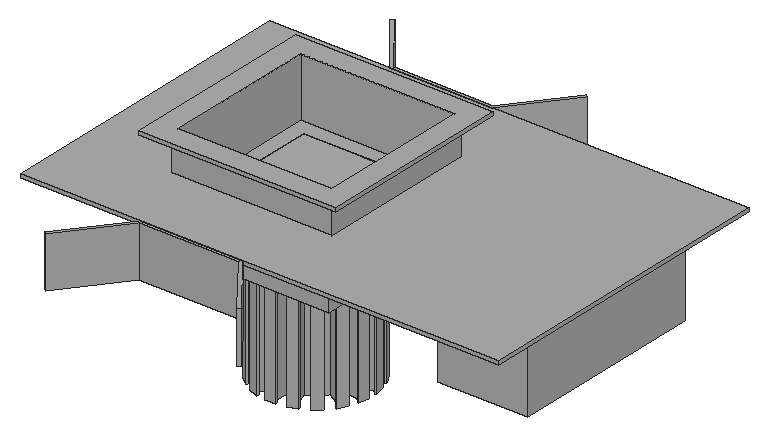
Revit family "LF4SQML", category Lighting Fixtures, host Face, Revit 2014
Parameters (values of type "LF4SQ")
  Width = 12 5/8"
  Wattage Comments = "14W"
  Wattage = 9.2903 W
  built-in parameter 1150110 = 1 (stored number, unit not read)
  Voltage = 120 V
  URL = "https://www.hubbell.com/hubbellhealthcaresolutions/en"
  built-in parameter 1114217 = 1 (stored number, unit not read)
  Tilt Angle = -90.00°
  built-in parameter 1150109 = 1 (stored number, unit not read)
  built-in parameter 1150134 = 3
  built-in parameter 1150113 = 1 (stored number, unit not read)
  SQ Length = 2 7/8"
  Product Page URL = "https://www.hubbell.com/hubbellhealthcaresolutions/en/Products/Lighting-Controls/Commercial-Indoor-Lighting/Recessed-Downlights/LF4SQ/p/212948"
  Product Material = Steel
  Product Documentation Link = "https://hubbellcdn.com/specsheet/HHS_LF4SQML_LENS_SPEC_17.pdf"
  Power Factor = 0.9
  Photometric Web File = "generic.ies"
  Number of Poles = 1
  Model = "LF4SQ"  # constant formula
  Manufacturer = "Healthcare Solutions"  # constant formula
  built-in parameter 1150105 = 109.82 (stored number, unit not read)
  Lumens = 1380 lm
  built-in parameter 1150115 = 1 (stored number, unit not read)
  Load Classification = Lighting
  built-in parameter 1150137 = (empty or 0)
  built-in parameter 1150139 = (empty or 0)
  Length = 14"
  built-in parameter 1150112 = 1 (stored number, unit not read)
  built-in parameter 1150114 = 1 (stored number, unit not read)
  Lamp = "1"
  built-in parameter 1150132 = (empty or 0)
  built-in parameter 1150102 = (empty or 0)
  built-in parameter 1150107 = 3200 (stored number, unit not read)
  built-in parameter 1150138 = (empty or 0)
  built-in parameter 1150106 = 1.0982 (stored number, unit not read)
  Height = 6 5/8"
  Glass = Glass
  Emit from Rectangle Width = 4 51/256"  # constant formula
  Emit from Rectangle Length = 4 51/256"  # constant formula
  Emit Shape Visible in Rendering = no
  built-in parameter 1150104 = 13.8 (stored number, unit not read)
  Dimming Protocol = "0-10V\r\nDMX\r\nLutron Forward Phase\r\nLutron EcoSystem"  # constant formula
  Dimming Lamp Color Temperature Shift = <None>
  Description = "4\" LED Square Downlight"
  Default Elevation = 48"
  Contact Us = "https://www.hubbell.com/hubbellhealthcaresolutions/en/contactUs?productId=212948"
  Color Filter = 16777215
  built-in parameter 1114218 = 1 (stored number, unit not read)
  built-in parameter 1150133 = 10 (stored number, unit not read)
  Applications = "Commerical Indoor\r\nEducation\r\nHealthcare\r\nHospitality\r\nOffice\r\nLobby\r\nConference Room\r\nClassroom\r\nWaiting Room\r\nAuditorium\r\nGuest Room\r\nDining Area"  # constant formula
  Apparent Load = 14.4 VA
Reference planes (in)
  plane 1 "Center (Front/Back)": y = 0.03999
  plane 2: z = 0
  plane 3 "Center (Left/Right)": x = -8.24832
  plane 4: y = -6.27251
  plane 5: y = 6.35249
  plane 6: z = -5.5
  plane 7: x = -15.24832
  plane 8: x = -1.24832
  plane 9: y = 4.60249
  plane 10: y = -4.52251
  plane 11: x = -10.24832
  plane 12: x = -13.12332
  plane 13: x = -7.37332
  plane 14: y = 2.91499
  plane 15: y = -2.83501
  plane 16: z = 1.125
  plane 17: z = -2.375
  plane 18: z = 1.025
  plane 19: x = -4.37332
  plane 20: x = -1.74832
  plane 21: z = -0.1
  plane 22: z = 1.25
Forms (in)
  Extrusion 1, void
    sketch origin (0, 0, 0) x (1, 0, 0) y (0, 1, 0)
      loop
        line (-12.74832, 4.60199) -> (-12.74832, -4.52201) -> (-3.74832, -4.52201) -> (-3.74832, 4.60199) -> (-12.74832, 4.60199)
    from 0 to -7
  Sweep 2, solid, material "Steel" <- "Product Material"
    path origin (-16.83938, -180, -3.5) x (-1, 0, 0) y (0, -1, 0)
      loop
        line (-3.71606, -177.16499) -> (-9.46606, -177.16499) -> (-9.46606, -182.91499) -> (-3.71606, -182.91499) -> (-3.71606, -177.16499)
    profile origin (-13.12332, 0.03999, -3.5) x (-1, 0, 0) y (0, 0, 1)
      loop
        line (0, 4.625) -> (-0.625, 4.625) -> (-0.625, 2.875) -> (-1.06338, 2.875) -> (-1.06338, 1.125) -> (-0.96338, 1.125) -> (-0.96338, 2.775) -> (-0.525, 2.775) -> (-0.525, 4.525) -> (0, 4.525) -> (0, 4.625)
  Extrusion 3, solid, material "Steel" <- "Product Material"
    sketch origin (-16.83938, -180, -3.5) x (-1, 0, 0) y (0, -1, 0)
      loop
        circle (-6.59106, -180.03999) r 1
    from -2 to 1.125
  Extrusion 4, solid, material "Steel" <- "Product Material"
    sketch origin (-16.83938, -180, -3.5) x (-1, 0, 0) y (0, -1, 0)
      loop
        line (-4.77944, -181.85161) -> (-4.77944, -178.22837) -> (-8.40267, -178.22837) -> (-8.40267, -181.85161) -> (-4.77944, -181.85161)
    from 1.125 to 2.875
  Extrusion 5, solid, material "Steel" <- "Product Material"
    sketch origin (0, 0.03999, 0) x (1, 0, 0) y (0, 0, 1)
      loop
        line (-4.37332, -0.1) -> (-4.37332, -2.375) -> (-1.74832, -2.375) -> (-1.74832, -0.1) -> (-4.37332, -0.1)
    from -2.875 to 2.875
  Sweep 6, solid, material "Steel" <- "Product Material"
    path origin (0.25978, 0, 0) x (0, 1, 0) y (0, 0, 1)
      loop
        line (0.03999, -2.375) -> (0.03999, -5.5)
    profile origin (0.25978, 0.03999, -3.9375) x (1, 0, 0) y (0, 1, 0)
      loop
        line (-10.45811, 0.99875) -> (-10.45811, 1.62007) -> (-10.35811, 1.62007) -> (-10.35811, 1.67007) -> (-10.65811, 1.67007) -> (-10.65811, 1.62007) -> (-10.55811, 1.62007) -> (-10.55811, 0.99875)
        arc (-10.55811, 0.99875) -> (-10.50811, 1) -> (-10.45811, 0.99875) r 1
  Sweep 7, solid, material "Steel" <- "Product Material"
    path origin (-0.36026, 3.5964, 0) x (-0.34202, 0.939693, 0) y (0, 0, 1)
      loop
        line (0.03999, -2.375) -> (0.03999, -5.5)
    profile origin (-0.37394, 3.63397, -3.9375) x (0.939693, 0.34202, 0) y (-0.34202, 0.939693, 0)
      loop
        line (-10.45811, 0.99875) -> (-10.45811, 1.62007) -> (-10.35811, 1.62007) -> (-10.35811, 1.67007) -> (-10.65811, 1.67007) -> (-10.65811, 1.62007) -> (-10.55811, 1.62007) -> (-10.55811, 0.99875)
        arc (-10.55811, 0.99875) -> (-10.50811, 1) -> (-10.45811, 0.99875) r 1
  Sweep 8, solid, material "Steel" <- "Product Material"
    path origin (-2.17294, 6.76384, 0) x (-0.642788, 0.766044, 0) y (0, 0, 1)
      loop
        line (0.03999, -2.375) -> (0.03999, -5.5)
    profile origin (-2.19865, 6.79447, -3.9375) x (0.766044, 0.642788, 0) y (-0.642788, 0.766044, 0)
      loop
        line (-10.45811, 0.99875) -> (-10.45811, 1.62007) -> (-10.35811, 1.62007) -> (-10.35811, 1.67007) -> (-10.65811, 1.67007) -> (-10.65811, 1.62007) -> (-10.55811, 1.62007) -> (-10.55811, 0.99875)
        arc (-10.55811, 0.99875) -> (-10.50811, 1) -> (-10.45811, 0.99875) r 1
  Sweep 9, solid, material "Steel" <- "Product Material"
    path origin (-4.95964, 9.12028, 0) x (-0.866025, 0.5, 0) y (0, 0, 1)
      loop
        line (0.03999, -2.375) -> (0.03999, -5.5)
    profile origin (-4.99427, 9.14028, -3.9375) x (0.5, 0.866025, 0) y (-0.866025, 0.5, 0)
      loop
        line (-10.45811, 0.99875) -> (-10.45811, 1.62007) -> (-10.35811, 1.62007) -> (-10.35811, 1.67007) -> (-10.65811, 1.67007) -> (-10.65811, 1.62007) -> (-10.55811, 1.62007) -> (-10.55811, 0.99875)
        arc (-10.55811, 0.99875) -> (-10.50811, 1) -> (-10.45811, 0.99875) r 1
  Sweep 10, solid, material "Steel" <- "Product Material"
    path origin (-8.38423, 10.38151, 0) x (-0.984808, 0.173648, 0) y (0, 0, 1)
      loop
        line (0.03999, -2.375) -> (0.03999, -5.5)
    profile origin (-8.42361, 10.38845, -3.9375) x (0.173648, 0.984808, 0) y (-0.984808, 0.173648, 0)
      loop
        line (-10.45811, 0.99875) -> (-10.45811, 1.62007) -> (-10.35811, 1.62007) -> (-10.35811, 1.67007) -> (-10.65811, 1.67007) -> (-10.65811, 1.62007) -> (-10.55811, 1.62007) -> (-10.55811, 0.99875)
        arc (-10.55811, 0.99875) -> (-10.50811, 1) -> (-10.45811, 0.99875) r 1
  Sweep 11, solid, material "Steel" <- "Product Material"
    path origin (-12.03365, 10.3954, 0) x (-0.984808, -0.173648, 0) y (0, 0, 1)
      loop
        line (0.03999, -2.375) -> (0.03999, -5.5)
    profile origin (-12.07304, 10.38845, -3.9375) x (-0.173648, 0.984808, 0) y (-0.984808, -0.173648, 0)
      loop
        line (-10.45811, 0.99875) -> (-10.45811, 1.62007) -> (-10.35811, 1.62007) -> (-10.35811, 1.67007) -> (-10.65811, 1.67007) -> (-10.65811, 1.62007) -> (-10.55811, 1.62007) -> (-10.55811, 0.99875)
        arc (-10.55811, 0.99875) -> (-10.50811, 1) -> (-10.45811, 0.99875) r 1
  Sweep 12, solid, material "Steel" <- "Product Material"
    path origin (-15.46774, 9.16027, 0) x (-0.866025, -0.5, 0) y (0, 0, 1)
      loop
        line (0.03999, -2.375) -> (0.03999, -5.5)
    profile origin (-15.50238, 9.14028, -3.9375) x (-0.5, 0.866025, 0) y (-0.866025, -0.5, 0)
      loop
        line (-10.45811, 0.99875) -> (-10.45811, 1.62007) -> (-10.35811, 1.62007) -> (-10.35811, 1.67007) -> (-10.65811, 1.67007) -> (-10.65811, 1.62007) -> (-10.55811, 1.62007) -> (-10.55811, 0.99875)
        arc (-10.55811, 0.99875) -> (-10.50811, 1) -> (-10.45811, 0.99875) r 1
  Sweep 13, solid, material "Steel" <- "Product Material"
    path origin (-18.27229, 6.82511, 0) x (-0.642788, -0.766044, 0) y (0, 0, 1)
      loop
        line (0.03999, -2.375) -> (0.03999, -5.5)
    profile origin (-18.298, 6.79447, -3.9375) x (-0.766044, 0.642788, 0) y (-0.642788, -0.766044, 0)
      loop
        line (-10.45811, 0.99875) -> (-10.45811, 1.62007) -> (-10.35811, 1.62007) -> (-10.35811, 1.67007) -> (-10.65811, 1.67007) -> (-10.65811, 1.62007) -> (-10.55811, 1.62007) -> (-10.55811, 0.99875)
        arc (-10.55811, 0.99875) -> (-10.50811, 1) -> (-10.45811, 0.99875) r 1
  Sweep 14, solid, material "Steel" <- "Product Material"
    path origin (-20.10904, 3.67155, 0) x (-0.34202, -0.939693, 0) y (0, 0, 1)
      loop
        line (0.03999, -2.375) -> (0.03999, -5.5)
    profile origin (-20.12271, 3.63397, -3.9375) x (-0.939693, 0.34202, 0) y (-0.34202, -0.939693, 0)
      loop
        line (-10.45811, 0.99875) -> (-10.45811, 1.62007) -> (-10.35811, 1.62007) -> (-10.35811, 1.67007) -> (-10.65811, 1.67007) -> (-10.65811, 1.62007) -> (-10.55811, 1.62007) -> (-10.55811, 0.99875)
        arc (-10.55811, 0.99875) -> (-10.50811, 1) -> (-10.45811, 0.99875) r 1
  Sweep 15, solid, material "Steel" <- "Product Material"
    path origin (-20.75643, 0.07998, 0) x (0, -1, 0) y (0, 0, 1)
      loop
        line (0.03999, -2.375) -> (0.03999, -5.5)
    profile origin (-20.75643, 0.03999, -3.9375) x (-1, 0, 0) y (0, -1, 0)
      loop
        line (-10.45811, 0.99875) -> (-10.45811, 1.62007) -> (-10.35811, 1.62007) -> (-10.35811, 1.67007) -> (-10.65811, 1.67007) -> (-10.65811, 1.62007) -> (-10.55811, 1.62007) -> (-10.55811, 0.99875)
        arc (-10.55811, 0.99875) -> (-10.50811, 1) -> (-10.45811, 0.99875) r 1
  Sweep 16, solid, material "Steel" <- "Product Material"
    path origin (-20.13639, -3.51641, 0) x (0.34202, -0.939693, 0) y (0, 0, 1)
      loop
        line (0.03999, -2.375) -> (0.03999, -5.5)
    profile origin (-20.12271, -3.55399, -3.9375) x (-0.939693, -0.34202, 0) y (0.34202, -0.939693, 0)
      loop
        line (-10.45811, 0.99875) -> (-10.45811, 1.62007) -> (-10.35811, 1.62007) -> (-10.35811, 1.67007) -> (-10.65811, 1.67007) -> (-10.65811, 1.62007) -> (-10.55811, 1.62007) -> (-10.55811, 0.99875)
        arc (-10.55811, 0.99875) -> (-10.50811, 1) -> (-10.45811, 0.99875) r 1
  Sweep 17, solid, material "Steel" <- "Product Material"
    path origin (-18.32371, -6.68385, 0) x (0.642788, -0.766044, 0) y (0, 0, 1)
      loop
        line (0.03999, -2.375) -> (0.03999, -5.5)
    profile origin (-18.298, -6.71449, -3.9375) x (-0.766044, -0.642788, 0) y (0.642788, -0.766044, 0)
      loop
        line (-10.45811, 0.99875) -> (-10.45811, 1.62007) -> (-10.35811, 1.62007) -> (-10.35811, 1.67007) -> (-10.65811, 1.67007) -> (-10.65811, 1.62007) -> (-10.55811, 1.62007) -> (-10.55811, 0.99875)
        arc (-10.55811, 0.99875) -> (-10.50811, 1) -> (-10.45811, 0.99875) r 1
  Sweep 18, solid, material "Steel" <- "Product Material"
    path origin (-15.53701, -9.0403, 0) x (0.866025, -0.5, 0) y (0, 0, 1)
      loop
        line (0.03999, -2.375) -> (0.03999, -5.5)
    profile origin (-15.50238, -9.06029, -3.9375) x (-0.5, -0.866025, 0) y (0.866025, -0.5, 0)
      loop
        line (-10.45811, 0.99875) -> (-10.45811, 1.62007) -> (-10.35811, 1.62007) -> (-10.35811, 1.67007) -> (-10.65811, 1.67007) -> (-10.65811, 1.62007) -> (-10.55811, 1.62007) -> (-10.55811, 0.99875)
        arc (-10.55811, 0.99875) -> (-10.50811, 1) -> (-10.45811, 0.99875) r 1
  Sweep 19, solid, material "Steel" <- "Product Material"
    path origin (-12.11242, -10.30153, 0) x (0.984808, -0.173648, 0) y (0, 0, 1)
      loop
        line (0.03999, -2.375) -> (0.03999, -5.5)
    profile origin (-12.07304, -10.30847, -3.9375) x (-0.173648, -0.984808, 0) y (0.984808, -0.173648, 0)
      loop
        line (-10.45811, 0.99875) -> (-10.45811, 1.62007) -> (-10.35811, 1.62007) -> (-10.35811, 1.67007) -> (-10.65811, 1.67007) -> (-10.65811, 1.62007) -> (-10.55811, 1.62007) -> (-10.55811, 0.99875)
        arc (-10.55811, 0.99875) -> (-10.50811, 1) -> (-10.45811, 0.99875) r 1
  Sweep 20, solid, material "Steel" <- "Product Material"
    path origin (-8.46299, -10.31542, 0) x (0.984808, 0.173648, 0) y (0, 0, 1)
      loop
        line (0.03999, -2.375) -> (0.03999, -5.5)
    profile origin (-8.42361, -10.30847, -3.9375) x (0.173648, -0.984808, 0) y (0.984808, 0.173648, 0)
      loop
        line (-10.45811, 0.99875) -> (-10.45811, 1.62007) -> (-10.35811, 1.62007) -> (-10.35811, 1.67007) -> (-10.65811, 1.67007) -> (-10.65811, 1.62007) -> (-10.55811, 1.62007) -> (-10.55811, 0.99875)
        arc (-10.55811, 0.99875) -> (-10.50811, 1) -> (-10.45811, 0.99875) r 1
  Sweep 21, solid, material "Steel" <- "Product Material"
    path origin (-5.02891, -9.08029, 0) x (0.866025, 0.5, 0) y (0, 0, 1)
      loop
        line (0.03999, -2.375) -> (0.03999, -5.5)
    profile origin (-4.99427, -9.06029, -3.9375) x (0.5, -0.866025, 0) y (0.866025, 0.5, 0)
      loop
        line (-10.45811, 0.99875) -> (-10.45811, 1.62007) -> (-10.35811, 1.62007) -> (-10.35811, 1.67007) -> (-10.65811, 1.67007) -> (-10.65811, 1.62007) -> (-10.55811, 1.62007) -> (-10.55811, 0.99875)
        arc (-10.55811, 0.99875) -> (-10.50811, 1) -> (-10.45811, 0.99875) r 1
  Sweep 22, solid, material "Steel" <- "Product Material"
    path origin (-2.22435, -6.74512, 0) x (0.642788, 0.766044, 0) y (0, 0, 1)
      loop
        line (0.03999, -2.375) -> (0.03999, -5.5)
    profile origin (-2.19865, -6.71449, -3.9375) x (0.766044, -0.642788, 0) y (0.642788, 0.766044, 0)
      loop
        line (-10.45811, 0.99875) -> (-10.45811, 1.62007) -> (-10.35811, 1.62007) -> (-10.35811, 1.67007) -> (-10.65811, 1.67007) -> (-10.65811, 1.62007) -> (-10.55811, 1.62007) -> (-10.55811, 0.99875)
        arc (-10.55811, 0.99875) -> (-10.50811, 1) -> (-10.45811, 0.99875) r 1
  Sweep 23, solid, material "Steel" <- "Product Material"
    path origin (-0.38761, -3.59157, 0) x (0.34202, 0.939693, 0) y (0, 0, 1)
      loop
        line (0.03999, -2.375) -> (0.03999, -5.5)
    profile origin (-0.37394, -3.55399, -3.9375) x (0.939693, -0.34202, 0) y (0.34202, 0.939693, 0)
      loop
        line (-10.45811, 0.99875) -> (-10.45811, 1.62007) -> (-10.35811, 1.62007) -> (-10.35811, 1.67007) -> (-10.65811, 1.67007) -> (-10.65811, 1.62007) -> (-10.55811, 1.62007) -> (-10.55811, 0.99875)
        arc (-10.55811, 0.99875) -> (-10.50811, 1) -> (-10.45811, 0.99875) r 1
  Sweep 24, solid, material "Steel" <- "Product Material"
    path origin (-16.83938, -180, -3.5) x (-1, 0, 0) y (0, -1, 0)
      loop
        line (-3.71606, -186.35249) -> (-5.09106, -184.60249) -> (-8.09881, -184.60249) -> (-9.46606, -186.35249)
    profile origin (-10.24445, 4.60249, -3.5) x (0, 1, 0) y (0, 0, 1)
      loop
        line (0, 3.5) -> (0, 2) -> (0.1, 2) -> (0.1, 3.5) -> (0, 3.5)
  Extrusion 25, solid, material "Steel" <- "Product Material"
    sketch origin (-16.83938, -180, -3.5) x (-1, 0, 0) y (0, -1, 0)
      loop
        line (-1.59106, -184.60249) -> (-1.59106, -175.47749) -> (-15.59106, -175.47749) -> (-15.59106, -184.60249) -> (-1.59106, -184.60249)
      loop
        line (-4.24106, -182.38999) -> (-4.24106, -177.68999) -> (-8.94106, -177.68999) -> (-8.94106, -182.38999) -> (-4.24106, -182.38999)
    from 3.4 to 3.5
  Sweep 26, solid, material "Steel" <- "Product Material"
    path origin (-16.83938, 180.07998, -3.5) x (-1, 0, 0) y (0, -1, 0)
      loop
        line (-3.71606, 186.35249) -> (-5.09106, 184.60249) -> (-8.09881, 184.60249) -> (-9.46606, 186.35249)
    profile origin (-10.24445, -4.52251, -3.5) x (0, 1, 0) y (0, 0, 1)
      loop
        line (0, 3.5) -> (-0.1, 3.5) -> (-0.1, 2) -> (0, 2) -> (0, 3.5)
  Sweep 27, solid, material "Steel" <- "Product Material", not visible
    path origin (0.25978, 0, 0) x (0, 1, 0) y (0, 0, 1)
      loop
        line (0.03999, -2.375) -> (0.03999, -5.5)
    profile origin (0.25978, 0.03999, -3.9375) x (1, 0, 0) y (0, 1, 0)
      loop
        line (-10.45811, 0.99875) -> (-10.45811, 1.62007) -> (-10.35811, 1.62007) -> (-10.35811, 1.67007) -> (-10.65811, 1.67007) -> (-10.65811, 1.62007) -> (-10.55811, 1.62007) -> (-10.55811, 0.99875)
        arc (-10.55811, 0.99875) -> (-10.50811, 1) -> (-10.45811, 0.99875) r 1
  Sweep 28, solid, material "Steel" <- "Product Material", not visible
    path origin (-0.36026, 3.5964, 0) x (-0.34202, 0.939693, 0) y (0, 0, 1)
      loop
        line (0.03999, -2.375) -> (0.03999, -5.5)
    profile origin (-0.37394, 3.63397, -3.9375) x (0.939693, 0.34202, 0) y (-0.34202, 0.939693, 0)
      loop
        line (-10.45811, 0.99875) -> (-10.45811, 1.62007) -> (-10.35811, 1.62007) -> (-10.35811, 1.67007) -> (-10.65811, 1.67007) -> (-10.65811, 1.62007) -> (-10.55811, 1.62007) -> (-10.55811, 0.99875)
        arc (-10.55811, 0.99875) -> (-10.50811, 1) -> (-10.45811, 0.99875) r 1
  Sweep 29, solid, material "Steel" <- "Product Material", not visible
    path origin (-2.17294, 6.76384, 0) x (-0.642788, 0.766044, 0) y (0, 0, 1)
      loop
        line (0.03999, -2.375) -> (0.03999, -5.5)
    profile origin (-2.19865, 6.79447, -3.9375) x (0.766044, 0.642788, 0) y (-0.642788, 0.766044, 0)
      loop
        line (-10.45811, 0.99875) -> (-10.45811, 1.62007) -> (-10.35811, 1.62007) -> (-10.35811, 1.67007) -> (-10.65811, 1.67007) -> (-10.65811, 1.62007) -> (-10.55811, 1.62007) -> (-10.55811, 0.99875)
        arc (-10.55811, 0.99875) -> (-10.50811, 1) -> (-10.45811, 0.99875) r 1
  Sweep 30, solid, material "Steel" <- "Product Material", not visible
    path origin (-4.95964, 9.12028, 0) x (-0.866025, 0.5, 0) y (0, 0, 1)
      loop
        line (0.03999, -2.375) -> (0.03999, -5.5)
    profile origin (-4.99427, 9.14028, -3.9375) x (0.5, 0.866025, 0) y (-0.866025, 0.5, 0)
      loop
        line (-10.45811, 0.99875) -> (-10.45811, 1.62007) -> (-10.35811, 1.62007) -> (-10.35811, 1.67007) -> (-10.65811, 1.67007) -> (-10.65811, 1.62007) -> (-10.55811, 1.62007) -> (-10.55811, 0.99875)
        arc (-10.55811, 0.99875) -> (-10.50811, 1) -> (-10.45811, 0.99875) r 1
  Sweep 31, solid, material "Steel" <- "Product Material", not visible
    path origin (-8.38423, 10.38151, 0) x (-0.984808, 0.173648, 0) y (0, 0, 1)
      loop
        line (0.03999, -2.375) -> (0.03999, -5.5)
    profile origin (-8.42361, 10.38845, -3.9375) x (0.173648, 0.984808, 0) y (-0.984808, 0.173648, 0)
      loop
        line (-10.45811, 0.99875) -> (-10.45811, 1.62007) -> (-10.35811, 1.62007) -> (-10.35811, 1.67007) -> (-10.65811, 1.67007) -> (-10.65811, 1.62007) -> (-10.55811, 1.62007) -> (-10.55811, 0.99875)
        arc (-10.55811, 0.99875) -> (-10.50811, 1) -> (-10.45811, 0.99875) r 1
  Sweep 32, solid, material "Steel" <- "Product Material", not visible
    path origin (-12.03365, 10.3954, 0) x (-0.984808, -0.173648, 0) y (0, 0, 1)
      loop
        line (0.03999, -2.375) -> (0.03999, -5.5)
    profile origin (-12.07304, 10.38845, -3.9375) x (-0.173648, 0.984808, 0) y (-0.984808, -0.173648, 0)
      loop
        line (-10.45811, 0.99875) -> (-10.45811, 1.62007) -> (-10.35811, 1.62007) -> (-10.35811, 1.67007) -> (-10.65811, 1.67007) -> (-10.65811, 1.62007) -> (-10.55811, 1.62007) -> (-10.55811, 0.99875)
        arc (-10.55811, 0.99875) -> (-10.50811, 1) -> (-10.45811, 0.99875) r 1
  Sweep 33, solid, material "Steel" <- "Product Material", not visible
    path origin (-15.46774, 9.16027, 0) x (-0.866025, -0.5, 0) y (0, 0, 1)
      loop
        line (0.03999, -2.375) -> (0.03999, -5.5)
    profile origin (-15.50238, 9.14028, -3.9375) x (-0.5, 0.866025, 0) y (-0.866025, -0.5, 0)
      loop
        line (-10.45811, 0.99875) -> (-10.45811, 1.62007) -> (-10.35811, 1.62007) -> (-10.35811, 1.67007) -> (-10.65811, 1.67007) -> (-10.65811, 1.62007) -> (-10.55811, 1.62007) -> (-10.55811, 0.99875)
        arc (-10.55811, 0.99875) -> (-10.50811, 1) -> (-10.45811, 0.99875) r 1
  Sweep 34, solid, material "Steel" <- "Product Material", not visible
    path origin (-18.27229, 6.82511, 0) x (-0.642788, -0.766044, 0) y (0, 0, 1)
      loop
        line (0.03999, -2.375) -> (0.03999, -5.5)
    profile origin (-18.298, 6.79447, -3.9375) x (-0.766044, 0.642788, 0) y (-0.642788, -0.766044, 0)
      loop
        line (-10.45811, 0.99875) -> (-10.45811, 1.62007) -> (-10.35811, 1.62007) -> (-10.35811, 1.67007) -> (-10.65811, 1.67007) -> (-10.65811, 1.62007) -> (-10.55811, 1.62007) -> (-10.55811, 0.99875)
        arc (-10.55811, 0.99875) -> (-10.50811, 1) -> (-10.45811, 0.99875) r 1
  Sweep 35, solid, material "Steel" <- "Product Material", not visible
    path origin (-20.10904, 3.67155, 0) x (-0.34202, -0.939693, 0) y (0, 0, 1)
      loop
        line (0.03999, -2.375) -> (0.03999, -5.5)
    profile origin (-20.12271, 3.63397, -3.9375) x (-0.939693, 0.34202, 0) y (-0.34202, -0.939693, 0)
      loop
        line (-10.45811, 0.99875) -> (-10.45811, 1.62007) -> (-10.35811, 1.62007) -> (-10.35811, 1.67007) -> (-10.65811, 1.67007) -> (-10.65811, 1.62007) -> (-10.55811, 1.62007) -> (-10.55811, 0.99875)
        arc (-10.55811, 0.99875) -> (-10.50811, 1) -> (-10.45811, 0.99875) r 1
  Sweep 36, solid, material "Steel" <- "Product Material", not visible
    path origin (-20.75643, 0.07998, 0) x (0, -1, 0) y (0, 0, 1)
      loop
        line (0.03999, -2.375) -> (0.03999, -5.5)
    profile origin (-20.75643, 0.03999, -3.9375) x (-1, 0, 0) y (0, -1, 0)
      loop
        line (-10.45811, 0.99875) -> (-10.45811, 1.62007) -> (-10.35811, 1.62007) -> (-10.35811, 1.67007) -> (-10.65811, 1.67007) -> (-10.65811, 1.62007) -> (-10.55811, 1.62007) -> (-10.55811, 0.99875)
        arc (-10.55811, 0.99875) -> (-10.50811, 1) -> (-10.45811, 0.99875) r 1
  Sweep 37, solid, material "Steel" <- "Product Material", not visible
    path origin (-20.13639, -3.51641, 0) x (0.34202, -0.939693, 0) y (0, 0, 1)
      loop
        line (0.03999, -2.375) -> (0.03999, -5.5)
    profile origin (-20.12271, -3.55399, -3.9375) x (-0.939693, -0.34202, 0) y (0.34202, -0.939693, 0)
      loop
        line (-10.45811, 0.99875) -> (-10.45811, 1.62007) -> (-10.35811, 1.62007) -> (-10.35811, 1.67007) -> (-10.65811, 1.67007) -> (-10.65811, 1.62007) -> (-10.55811, 1.62007) -> (-10.55811, 0.99875)
        arc (-10.55811, 0.99875) -> (-10.50811, 1) -> (-10.45811, 0.99875) r 1
  Sweep 38, solid, material "Steel" <- "Product Material", not visible
    path origin (-18.32371, -6.68385, 0) x (0.642788, -0.766044, 0) y (0, 0, 1)
      loop
        line (0.03999, -2.375) -> (0.03999, -5.5)
    profile origin (-18.298, -6.71449, -3.9375) x (-0.766044, -0.642788, 0) y (0.642788, -0.766044, 0)
      loop
        line (-10.45811, 0.99875) -> (-10.45811, 1.62007) -> (-10.35811, 1.62007) -> (-10.35811, 1.67007) -> (-10.65811, 1.67007) -> (-10.65811, 1.62007) -> (-10.55811, 1.62007) -> (-10.55811, 0.99875)
        arc (-10.55811, 0.99875) -> (-10.50811, 1) -> (-10.45811, 0.99875) r 1
  Sweep 39, solid, material "Steel" <- "Product Material", not visible
    path origin (-15.53701, -9.0403, 0) x (0.866025, -0.5, 0) y (0, 0, 1)
      loop
        line (0.03999, -2.375) -> (0.03999, -5.5)
    profile origin (-15.50238, -9.06029, -3.9375) x (-0.5, -0.866025, 0) y (0.866025, -0.5, 0)
      loop
        line (-10.45811, 0.99875) -> (-10.45811, 1.62007) -> (-10.35811, 1.62007) -> (-10.35811, 1.67007) -> (-10.65811, 1.67007) -> (-10.65811, 1.62007) -> (-10.55811, 1.62007) -> (-10.55811, 0.99875)
        arc (-10.55811, 0.99875) -> (-10.50811, 1) -> (-10.45811, 0.99875) r 1
  Sweep 40, solid, material "Steel" <- "Product Material", not visible
    path origin (-12.11242, -10.30153, 0) x (0.984808, -0.173648, 0) y (0, 0, 1)
      loop
        line (0.03999, -2.375) -> (0.03999, -5.5)
    profile origin (-12.07304, -10.30847, -3.9375) x (-0.173648, -0.984808, 0) y (0.984808, -0.173648, 0)
      loop
        line (-10.45811, 0.99875) -> (-10.45811, 1.62007) -> (-10.35811, 1.62007) -> (-10.35811, 1.67007) -> (-10.65811, 1.67007) -> (-10.65811, 1.62007) -> (-10.55811, 1.62007) -> (-10.55811, 0.99875)
        arc (-10.55811, 0.99875) -> (-10.50811, 1) -> (-10.45811, 0.99875) r 1
  Sweep 41, solid, material "Steel" <- "Product Material", not visible
    path origin (-8.46299, -10.31542, 0) x (0.984808, 0.173648, 0) y (0, 0, 1)
      loop
        line (0.03999, -2.375) -> (0.03999, -5.5)
    profile origin (-8.42361, -10.30847, -3.9375) x (0.173648, -0.984808, 0) y (0.984808, 0.173648, 0)
      loop
        line (-10.45811, 0.99875) -> (-10.45811, 1.62007) -> (-10.35811, 1.62007) -> (-10.35811, 1.67007) -> (-10.65811, 1.67007) -> (-10.65811, 1.62007) -> (-10.55811, 1.62007) -> (-10.55811, 0.99875)
        arc (-10.55811, 0.99875) -> (-10.50811, 1) -> (-10.45811, 0.99875) r 1
  Sweep 42, solid, material "Steel" <- "Product Material", not visible
    path origin (-5.02891, -9.08029, 0) x (0.866025, 0.5, 0) y (0, 0, 1)
      loop
        line (0.03999, -2.375) -> (0.03999, -5.5)
    profile origin (-4.99427, -9.06029, -3.9375) x (0.5, -0.866025, 0) y (0.866025, 0.5, 0)
      loop
        line (-10.45811, 0.99875) -> (-10.45811, 1.62007) -> (-10.35811, 1.62007) -> (-10.35811, 1.67007) -> (-10.65811, 1.67007) -> (-10.65811, 1.62007) -> (-10.55811, 1.62007) -> (-10.55811, 0.99875)
        arc (-10.55811, 0.99875) -> (-10.50811, 1) -> (-10.45811, 0.99875) r 1
  Sweep 43, solid, material "Steel" <- "Product Material", not visible
    path origin (-2.22435, -6.74512, 0) x (0.642788, 0.766044, 0) y (0, 0, 1)
      loop
        line (0.03999, -2.375) -> (0.03999, -5.5)
    profile origin (-2.19865, -6.71449, -3.9375) x (0.766044, -0.642788, 0) y (0.642788, 0.766044, 0)
      loop
        line (-10.45811, 0.99875) -> (-10.45811, 1.62007) -> (-10.35811, 1.62007) -> (-10.35811, 1.67007) -> (-10.65811, 1.67007) -> (-10.65811, 1.62007) -> (-10.55811, 1.62007) -> (-10.55811, 0.99875)
        arc (-10.55811, 0.99875) -> (-10.50811, 1) -> (-10.45811, 0.99875) r 1
  Sweep 44, solid, material "Steel" <- "Product Material", not visible
    path origin (-0.38761, -3.59157, 0) x (0.34202, 0.939693, 0) y (0, 0, 1)
      loop
        line (0.03999, -2.375) -> (0.03999, -5.5)
    profile origin (-0.37394, -3.55399, -3.9375) x (0.939693, -0.34202, 0) y (0.34202, 0.939693, 0)
      loop
        line (-10.45811, 0.99875) -> (-10.45811, 1.62007) -> (-10.35811, 1.62007) -> (-10.35811, 1.67007) -> (-10.65811, 1.67007) -> (-10.65811, 1.62007) -> (-10.55811, 1.62007) -> (-10.55811, 0.99875)
        arc (-10.55811, 0.99875) -> (-10.50811, 1) -> (-10.45811, 0.99875) r 1
Dimensions and locks (in)
  equal spacing: plane 5, plane 1 "Center (Front/Back)", plane 4
  "Width": plane 5 to plane 4
  equal spacing: plane 7, plane 3 "Center (Left/Right)", plane 8
  "Length": plane 7 to plane 8
  equal spacing: plane 9, plane 1 "Center (Front/Back)", plane 10
  locked: plane 9 to plane 10 at 9.125
  locked: plane 7 to plane 11 at 5
  equal spacing: plane 14, plane 1 "Center (Front/Back)", plane 15
  "SQ Length": plane 1 "Center (Front/Back)" to plane 14
  plane 16 to plane 2 = 1 1/8"
  "SQ Length": plane 11 to plane 12
  equal spacing: plane 13, plane 11, plane 12
  "Height": plane 16 to plane 6
  plane 20 to plane 8 = 1/2"
  locked: Sweep 6 to plane 11 at 0.05
  aligned and locked: plane 2 to host face
  aligned and locked: level to host face
  aligned and locked: Sweep 2 sketch curve to plane 16
  aligned and locked: Sweep 2 sketch curve to plane 12
  aligned and locked: plane 12 to Sweep 2 sketch curve
  aligned and locked: Sweep 2 sketch curve to plane 14
  aligned and locked: plane 13 to Sweep 2 sketch curve
  aligned and locked: plane 15 to Sweep 2 sketch curve
  aligned and locked: Extrusion 3 to Sweep 2
  aligned and locked: Extrusion 3 to plane 6
  aligned and locked: Extrusion 4 sketch curve to Sweep 2  (x4)
  aligned and locked: Sweep 2 to Extrusion 4  (x2)
  aligned and locked: Extrusion 5 to plane 20
  aligned and locked: plane 19 to Extrusion 5
  aligned and locked: Sweep 2 to Extrusion 5
  aligned and locked: plane 14 to Extrusion 5
  aligned and locked: Extrusion 5 to plane 15
  aligned and locked: Sweep 24 sketch curve to level
  aligned and locked: Sweep 24 sketch curve to profile plane
  aligned and locked: Extrusion 25 sketch curve to plane 9
  aligned and locked: plane 7 to Extrusion 25 sketch curve
  aligned and locked: plane 10 to Extrusion 25 sketch curve
  aligned and locked: Extrusion 25 sketch curve to plane 8
  aligned and locked: level to Extrusion 25
  aligned and locked: Extrusion 25 to plane 21
  aligned and locked: plane 21 to Extrusion 5
  aligned and locked: Sweep 24 sketch curve to plane 9
  aligned and locked: Sweep 26 sketch curve to profile plane
  aligned and locked: Sweep 26 sketch curve to plane 10
  aligned and locked: imposter light to plane 22
Automatic sketch dimensions
  profile plane to Sweep 6 sketch curve = 0"
  Sweep 6 sketch curve to Sweep 6 sketch curve = 0.1"  (x3)
  Sweep 6 sketch curve to Sweep 6 sketch curve = 0.05"  (x2)
  Sweep 6 sketch curve to profile plane = 0.99875"
  Sweep 6 sketch curve to Sweep 6 sketch curve = 0.62132"
  Sweep 6 sketch curve to Sweep 6 sketch curve = 0"
  Sweep 6 sketch curve to Sweep 6 sketch curve = 3 1/8"
  Sweep 6 sketch curve to profile plane = 10.65811"
  profile plane to Sweep 7 sketch curve = 0"
  Sweep 7 sketch curve to Sweep 7 sketch curve = 0.1"  (x3)
  Sweep 7 sketch curve to Sweep 7 sketch curve = 0.05"  (x2)
  Sweep 7 sketch curve to profile plane = 0.99875"
  Sweep 7 sketch curve to Sweep 7 sketch curve = 0.62132"
  Sweep 7 sketch curve to Sweep 7 sketch curve = 0"
  Sweep 7 sketch curve to Sweep 7 sketch curve = 3 1/8"
  Sweep 7 sketch curve to profile plane = 10.65811"
  profile plane to Sweep 8 sketch curve = 0"
  Sweep 8 sketch curve to Sweep 8 sketch curve = 0.1"  (x3)
  Sweep 8 sketch curve to Sweep 8 sketch curve = 0.05"  (x2)
  Sweep 8 sketch curve to profile plane = 0.99875"
  Sweep 8 sketch curve to Sweep 8 sketch curve = 0.62132"
  Sweep 8 sketch curve to Sweep 8 sketch curve = 0"
  Sweep 8 sketch curve to Sweep 8 sketch curve = 3 1/8"
  Sweep 8 sketch curve to profile plane = 10.65811"
  profile plane to Sweep 9 sketch curve = 0"
  Sweep 9 sketch curve to Sweep 9 sketch curve = 0.1"  (x3)
  Sweep 9 sketch curve to Sweep 9 sketch curve = 0.05"  (x2)
  Sweep 9 sketch curve to profile plane = 0.99875"
  Sweep 9 sketch curve to Sweep 9 sketch curve = 0.62132"
  Sweep 9 sketch curve to Sweep 9 sketch curve = 0"
  Sweep 9 sketch curve to Sweep 9 sketch curve = 3 1/8"
  Sweep 9 sketch curve to profile plane = 10.65811"
  profile plane to Sweep 10 sketch curve = 0"
  Sweep 10 sketch curve to Sweep 10 sketch curve = 0.1"  (x3)
  Sweep 10 sketch curve to Sweep 10 sketch curve = 0.05"  (x2)
  Sweep 10 sketch curve to profile plane = 0.99875"
  Sweep 10 sketch curve to Sweep 10 sketch curve = 0.62132"
  Sweep 10 sketch curve to Sweep 10 sketch curve = 0"
  Sweep 10 sketch curve to Sweep 10 sketch curve = 3 1/8"
  Sweep 10 sketch curve to profile plane = 10.65811"
  profile plane to Sweep 11 sketch curve = 0"
  Sweep 11 sketch curve to Sweep 11 sketch curve = 0.1"  (x3)
  Sweep 11 sketch curve to Sweep 11 sketch curve = 0.05"  (x2)
  Sweep 11 sketch curve to profile plane = 0.99875"
  Sweep 11 sketch curve to Sweep 11 sketch curve = 0.62132"
  Sweep 11 sketch curve to Sweep 11 sketch curve = 0"
  Sweep 11 sketch curve to Sweep 11 sketch curve = 3 1/8"
  Sweep 11 sketch curve to profile plane = 10.65811"
  profile plane to Sweep 12 sketch curve = 0"
  Sweep 12 sketch curve to Sweep 12 sketch curve = 0.1"  (x3)
  Sweep 12 sketch curve to Sweep 12 sketch curve = 0.05"  (x2)
  Sweep 12 sketch curve to profile plane = 0.99875"
  Sweep 12 sketch curve to Sweep 12 sketch curve = 0.62132"
  Sweep 12 sketch curve to Sweep 12 sketch curve = 0"
  Sweep 12 sketch curve to Sweep 12 sketch curve = 3 1/8"
  Sweep 12 sketch curve to profile plane = 10.65811"
  profile plane to Sweep 13 sketch curve = 0"
  Sweep 13 sketch curve to Sweep 13 sketch curve = 0.1"  (x3)
  Sweep 13 sketch curve to Sweep 13 sketch curve = 0.05"  (x2)
  Sweep 13 sketch curve to profile plane = 0.99875"
  Sweep 13 sketch curve to Sweep 13 sketch curve = 0.62132"
  Sweep 13 sketch curve to Sweep 13 sketch curve = 0"
  Sweep 13 sketch curve to Sweep 13 sketch curve = 3 1/8"
  Sweep 13 sketch curve to profile plane = 10.65811"
  profile plane to Sweep 14 sketch curve = 0"
  Sweep 14 sketch curve to Sweep 14 sketch curve = 0.1"  (x3)
  Sweep 14 sketch curve to Sweep 14 sketch curve = 0.05"  (x2)
  Sweep 14 sketch curve to profile plane = 0.99875"
  Sweep 14 sketch curve to Sweep 14 sketch curve = 0.62132"
  Sweep 14 sketch curve to Sweep 14 sketch curve = 0"
  Sweep 14 sketch curve to Sweep 14 sketch curve = 3 1/8"
  Sweep 14 sketch curve to profile plane = 10.65811"
  profile plane to Sweep 15 sketch curve = 0"
  Sweep 15 sketch curve to Sweep 15 sketch curve = 0.1"  (x3)
  Sweep 15 sketch curve to Sweep 15 sketch curve = 0.05"  (x2)
  Sweep 15 sketch curve to profile plane = 0.99875"
  Sweep 15 sketch curve to Sweep 15 sketch curve = 0.62132"
  Sweep 15 sketch curve to Sweep 15 sketch curve = 0"
  Sweep 15 sketch curve to Sweep 15 sketch curve = 3 1/8"
  Sweep 15 sketch curve to profile plane = 10.65811"
  profile plane to Sweep 16 sketch curve = 0"
  Sweep 16 sketch curve to Sweep 16 sketch curve = 0.1"  (x3)
  Sweep 16 sketch curve to Sweep 16 sketch curve = 0.05"  (x2)
  Sweep 16 sketch curve to profile plane = 0.99875"
  Sweep 16 sketch curve to Sweep 16 sketch curve = 0.62132"
  Sweep 16 sketch curve to Sweep 16 sketch curve = 0"
  Sweep 16 sketch curve to Sweep 16 sketch curve = 3 1/8"
  Sweep 16 sketch curve to profile plane = 10.65811"
  profile plane to Sweep 17 sketch curve = 0"
  Sweep 17 sketch curve to Sweep 17 sketch curve = 0.1"  (x3)
  Sweep 17 sketch curve to Sweep 17 sketch curve = 0.05"  (x2)
  Sweep 17 sketch curve to profile plane = 0.99875"
  Sweep 17 sketch curve to Sweep 17 sketch curve = 0.62132"
  Sweep 17 sketch curve to Sweep 17 sketch curve = 0"
  Sweep 17 sketch curve to Sweep 17 sketch curve = 3 1/8"
  Sweep 17 sketch curve to profile plane = 10.65811"
  profile plane to Sweep 18 sketch curve = 0"
  Sweep 18 sketch curve to Sweep 18 sketch curve = 0.1"  (x3)
  Sweep 18 sketch curve to Sweep 18 sketch curve = 0.05"  (x2)
  Sweep 18 sketch curve to profile plane = 0.99875"
  Sweep 18 sketch curve to Sweep 18 sketch curve = 0.62132"
  Sweep 18 sketch curve to Sweep 18 sketch curve = 0"
  Sweep 18 sketch curve to Sweep 18 sketch curve = 3 1/8"
  Sweep 18 sketch curve to profile plane = 10.65811"
  profile plane to Sweep 19 sketch curve = 0"
  Sweep 19 sketch curve to Sweep 19 sketch curve = 0.1"  (x3)
  Sweep 19 sketch curve to Sweep 19 sketch curve = 0.05"  (x2)
  Sweep 19 sketch curve to profile plane = 0.99875"
  Sweep 19 sketch curve to Sweep 19 sketch curve = 0.62132"
  Sweep 19 sketch curve to Sweep 19 sketch curve = 0"
  Sweep 19 sketch curve to Sweep 19 sketch curve = 3 1/8"
  Sweep 19 sketch curve to profile plane = 10.65811"
  profile plane to Sweep 20 sketch curve = 0"
  Sweep 20 sketch curve to Sweep 20 sketch curve = 0.1"  (x3)
  Sweep 20 sketch curve to Sweep 20 sketch curve = 0.05"  (x2)
  Sweep 20 sketch curve to profile plane = 0.99875"
  Sweep 20 sketch curve to Sweep 20 sketch curve = 0.62132"
  Sweep 20 sketch curve to Sweep 20 sketch curve = 0"
  Sweep 20 sketch curve to Sweep 20 sketch curve = 3 1/8"
  Sweep 20 sketch curve to profile plane = 10.65811"
  profile plane to Sweep 21 sketch curve = 0"
  Sweep 21 sketch curve to Sweep 21 sketch curve = 0.1"  (x3)
  Sweep 21 sketch curve to Sweep 21 sketch curve = 0.05"  (x2)
  Sweep 21 sketch curve to profile plane = 0.99875"
  Sweep 21 sketch curve to Sweep 21 sketch curve = 0.62132"
  Sweep 21 sketch curve to Sweep 21 sketch curve = 0"
  Sweep 21 sketch curve to Sweep 21 sketch curve = 3 1/8"
  Sweep 21 sketch curve to profile plane = 10.65811"
  profile plane to Sweep 22 sketch curve = 0"
  Sweep 22 sketch curve to Sweep 22 sketch curve = 0.1"  (x3)
  Sweep 22 sketch curve to Sweep 22 sketch curve = 0.05"  (x2)
  Sweep 22 sketch curve to profile plane = 0.99875"
  Sweep 22 sketch curve to Sweep 22 sketch curve = 0.62132"
  Sweep 22 sketch curve to Sweep 22 sketch curve = 0"
  Sweep 22 sketch curve to Sweep 22 sketch curve = 3 1/8"
  Sweep 22 sketch curve to profile plane = 10.65811"
  profile plane to Sweep 23 sketch curve = 0"
  Sweep 23 sketch curve to Sweep 23 sketch curve = 0.1"  (x3)
  Sweep 23 sketch curve to Sweep 23 sketch curve = 0.05"  (x2)
  Sweep 23 sketch curve to profile plane = 0.99875"
  Sweep 23 sketch curve to Sweep 23 sketch curve = 0.62132"
  Sweep 23 sketch curve to Sweep 23 sketch curve = 0"
  Sweep 23 sketch curve to Sweep 23 sketch curve = 3 1/8"
  Sweep 23 sketch curve to profile plane = 10.65811"
  host sketch curve to host sketch curve = 96"  (x2)
  plane 10 to Extrusion 1 sketch curve = 0.0005"
  plane 12 to Extrusion 1 sketch curve = 3/8"
  Extrusion 1 sketch curve to plane 19 = 5/8"
  Extrusion 1 sketch curve to plane 9 = 0.0005"
  profile plane to Sweep 2 sketch curve = 0.525"
  Sweep 2 sketch curve to Sweep 2 sketch curve = 0.1"  (x4)
  Sweep 2 sketch curve to Sweep 2 sketch curve = 0.33838"
  Sweep 2 sketch curve to Sweep 2 sketch curve = 1.65"
  profile plane to Sweep 2 sketch curve = 1 1/8"
  plane 1 "Center (Front/Back)" to Extrusion 3 sketch curve = 0"
  Extrusion 3 sketch curve to plane 11 = 0"
  Extrusion 5 sketch curve to plane 17 = 0"
  plane 19 to Extrusion 5 sketch curve = 0"
  plane 20 to Extrusion 5 sketch curve = 0"
  Extrusion 5 sketch curve to plane 21 = 0"
  Sweep 24 sketch curve to plane 5 = 0"  (x2)
  Sweep 24 sketch curve to plane 13 = 0"
  Sweep 24 sketch curve to plane 12 = 0"
  Sweep 24 sketch curve to plane 3 "Center (Left/Right)" = 0.49225"
  plane 12 to Sweep 24 sketch curve = 1 3/8"
  Sweep 26 sketch curve to plane 4 = 0"  (x2)
  Sweep 26 sketch curve to plane 13 = 0"
  Sweep 26 sketch curve to plane 12 = 0"
  Sweep 26 sketch curve to plane 3 "Center (Left/Right)" = 0.49225"
  plane 12 to Sweep 26 sketch curve = 1 3/8"
  profile plane to Sweep 26 sketch curve = 0.1"
  profile plane to Sweep 26 sketch curve = 2"
  Sweep 26 sketch curve to Sweep 26 sketch curve = 1 1/2"
  plane 3 "Center (Left/Right)" to Extrusion 25 sketch curve = 0.35"
  plane 12 to Extrusion 25 sketch curve = 0.525"
  Extrusion 25 sketch curve to plane 14 = 0.525"
  plane 15 to Extrusion 25 sketch curve = 0.525"
  Sweep 24 sketch curve to profile plane = 0.1"
  Sweep 24 sketch curve to Sweep 24 sketch curve = 1 1/2"
  profile plane to Sweep 27 sketch curve = 0"
  Sweep 27 sketch curve to Sweep 27 sketch curve = 0.1"  (x3)
  Sweep 27 sketch curve to Sweep 27 sketch curve = 0.05"  (x2)
  Sweep 27 sketch curve to profile plane = 0.99875"
  Sweep 27 sketch curve to Sweep 27 sketch curve = 0.62132"
  Sweep 27 sketch curve to Sweep 27 sketch curve = 0"
  Sweep 27 sketch curve to Sweep 27 sketch curve = 3 1/8"
  Sweep 27 sketch curve to profile plane = 10.65811"
  profile plane to Sweep 28 sketch curve = 0"
  Sweep 28 sketch curve to Sweep 28 sketch curve = 0.1"  (x3)
  Sweep 28 sketch curve to Sweep 28 sketch curve = 0.05"  (x2)
  Sweep 28 sketch curve to profile plane = 0.99875"
  Sweep 28 sketch curve to Sweep 28 sketch curve = 0.62132"
  Sweep 28 sketch curve to Sweep 28 sketch curve = 0"
  Sweep 28 sketch curve to Sweep 28 sketch curve = 3 1/8"
  Sweep 28 sketch curve to profile plane = 10.65811"
  profile plane to Sweep 29 sketch curve = 0"
  Sweep 29 sketch curve to Sweep 29 sketch curve = 0.1"  (x3)
  Sweep 29 sketch curve to Sweep 29 sketch curve = 0.05"  (x2)
  Sweep 29 sketch curve to profile plane = 0.99875"
  Sweep 29 sketch curve to Sweep 29 sketch curve = 0.62132"
  Sweep 29 sketch curve to Sweep 29 sketch curve = 0"
  Sweep 29 sketch curve to Sweep 29 sketch curve = 3 1/8"
  Sweep 29 sketch curve to profile plane = 10.65811"
  profile plane to Sweep 30 sketch curve = 0"
  Sweep 30 sketch curve to Sweep 30 sketch curve = 0.1"  (x3)
  Sweep 30 sketch curve to Sweep 30 sketch curve = 0.05"  (x2)
  Sweep 30 sketch curve to profile plane = 0.99875"
  Sweep 30 sketch curve to Sweep 30 sketch curve = 0.62132"
  Sweep 30 sketch curve to Sweep 30 sketch curve = 0"
  Sweep 30 sketch curve to Sweep 30 sketch curve = 3 1/8"
  Sweep 30 sketch curve to profile plane = 10.65811"
  profile plane to Sweep 31 sketch curve = 0"
  Sweep 31 sketch curve to Sweep 31 sketch curve = 0.1"  (x3)
  Sweep 31 sketch curve to Sweep 31 sketch curve = 0.05"  (x2)
  Sweep 31 sketch curve to profile plane = 0.99875"
  Sweep 31 sketch curve to Sweep 31 sketch curve = 0.62132"
  Sweep 31 sketch curve to Sweep 31 sketch curve = 0"
  Sweep 31 sketch curve to Sweep 31 sketch curve = 3 1/8"
  Sweep 31 sketch curve to profile plane = 10.65811"
  profile plane to Sweep 32 sketch curve = 0"
  Sweep 32 sketch curve to Sweep 32 sketch curve = 0.1"  (x3)
  Sweep 32 sketch curve to Sweep 32 sketch curve = 0.05"  (x2)
  Sweep 32 sketch curve to profile plane = 0.99875"
  Sweep 32 sketch curve to Sweep 32 sketch curve = 0.62132"
  Sweep 32 sketch curve to Sweep 32 sketch curve = 0"
  Sweep 32 sketch curve to Sweep 32 sketch curve = 3 1/8"
  Sweep 32 sketch curve to profile plane = 10.65811"
  profile plane to Sweep 33 sketch curve = 0"
  Sweep 33 sketch curve to Sweep 33 sketch curve = 0.1"  (x3)
  Sweep 33 sketch curve to Sweep 33 sketch curve = 0.05"  (x2)
  Sweep 33 sketch curve to profile plane = 0.99875"
  Sweep 33 sketch curve to Sweep 33 sketch curve = 0.62132"
  Sweep 33 sketch curve to Sweep 33 sketch curve = 0"
  Sweep 33 sketch curve to Sweep 33 sketch curve = 3 1/8"
  Sweep 33 sketch curve to profile plane = 10.65811"
  profile plane to Sweep 34 sketch curve = 0"
  Sweep 34 sketch curve to Sweep 34 sketch curve = 0.1"  (x3)
  Sweep 34 sketch curve to Sweep 34 sketch curve = 0.05"  (x2)
  Sweep 34 sketch curve to profile plane = 0.99875"
  Sweep 34 sketch curve to Sweep 34 sketch curve = 0.62132"
  Sweep 34 sketch curve to Sweep 34 sketch curve = 0"
  Sweep 34 sketch curve to Sweep 34 sketch curve = 3 1/8"
  Sweep 34 sketch curve to profile plane = 10.65811"
  profile plane to Sweep 35 sketch curve = 0"
  Sweep 35 sketch curve to Sweep 35 sketch curve = 0.1"  (x3)
  Sweep 35 sketch curve to Sweep 35 sketch curve = 0.05"  (x2)
  Sweep 35 sketch curve to profile plane = 0.99875"
  Sweep 35 sketch curve to Sweep 35 sketch curve = 0.62132"
  Sweep 35 sketch curve to Sweep 35 sketch curve = 0"
  Sweep 35 sketch curve to Sweep 35 sketch curve = 3 1/8"
  Sweep 35 sketch curve to profile plane = 10.65811"
  profile plane to Sweep 36 sketch curve = 0"
  Sweep 36 sketch curve to Sweep 36 sketch curve = 0.1"  (x3)
  Sweep 36 sketch curve to Sweep 36 sketch curve = 0.05"  (x2)
  Sweep 36 sketch curve to profile plane = 0.99875"
  Sweep 36 sketch curve to Sweep 36 sketch curve = 0.62132"
  Sweep 36 sketch curve to Sweep 36 sketch curve = 0"
  Sweep 36 sketch curve to Sweep 36 sketch curve = 3 1/8"
  Sweep 36 sketch curve to profile plane = 10.65811"
  profile plane to Sweep 37 sketch curve = 0"
  Sweep 37 sketch curve to Sweep 37 sketch curve = 0.1"  (x3)
  Sweep 37 sketch curve to Sweep 37 sketch curve = 0.05"  (x2)
  Sweep 37 sketch curve to profile plane = 0.99875"
  Sweep 37 sketch curve to Sweep 37 sketch curve = 0.62132"
  Sweep 37 sketch curve to Sweep 37 sketch curve = 0"
  Sweep 37 sketch curve to Sweep 37 sketch curve = 3 1/8"
  Sweep 37 sketch curve to profile plane = 10.65811"
  profile plane to Sweep 38 sketch curve = 0"
  Sweep 38 sketch curve to Sweep 38 sketch curve = 0.1"  (x3)
  Sweep 38 sketch curve to Sweep 38 sketch curve = 0.05"  (x2)
  Sweep 38 sketch curve to profile plane = 0.99875"
  Sweep 38 sketch curve to Sweep 38 sketch curve = 0.62132"
  Sweep 38 sketch curve to Sweep 38 sketch curve = 0"
  Sweep 38 sketch curve to Sweep 38 sketch curve = 3 1/8"
  Sweep 38 sketch curve to profile plane = 10.65811"
  profile plane to Sweep 39 sketch curve = 0"
  Sweep 39 sketch curve to Sweep 39 sketch curve = 0.1"  (x3)
  Sweep 39 sketch curve to Sweep 39 sketch curve = 0.05"  (x2)
  Sweep 39 sketch curve to profile plane = 0.99875"
  Sweep 39 sketch curve to Sweep 39 sketch curve = 0.62132"
  Sweep 39 sketch curve to Sweep 39 sketch curve = 0"
  Sweep 39 sketch curve to Sweep 39 sketch curve = 3 1/8"
  Sweep 39 sketch curve to profile plane = 10.65811"
  profile plane to Sweep 40 sketch curve = 0"
  Sweep 40 sketch curve to Sweep 40 sketch curve = 0.1"  (x3)
  Sweep 40 sketch curve to Sweep 40 sketch curve = 0.05"  (x2)
  Sweep 40 sketch curve to profile plane = 0.99875"
  Sweep 40 sketch curve to Sweep 40 sketch curve = 0.62132"
  Sweep 40 sketch curve to Sweep 40 sketch curve = 0"
  Sweep 40 sketch curve to Sweep 40 sketch curve = 3 1/8"
  Sweep 40 sketch curve to profile plane = 10.65811"
  profile plane to Sweep 41 sketch curve = 0"
  Sweep 41 sketch curve to Sweep 41 sketch curve = 0.1"  (x3)
  Sweep 41 sketch curve to Sweep 41 sketch curve = 0.05"  (x2)
  Sweep 41 sketch curve to profile plane = 0.99875"
  Sweep 41 sketch curve to Sweep 41 sketch curve = 0.62132"
  Sweep 41 sketch curve to Sweep 41 sketch curve = 0"
  Sweep 41 sketch curve to Sweep 41 sketch curve = 3 1/8"
  Sweep 41 sketch curve to profile plane = 10.65811"
  profile plane to Sweep 42 sketch curve = 0"
  Sweep 42 sketch curve to Sweep 42 sketch curve = 0.1"  (x3)
  Sweep 42 sketch curve to Sweep 42 sketch curve = 0.05"  (x2)
  Sweep 42 sketch curve to profile plane = 0.99875"
  Sweep 42 sketch curve to Sweep 42 sketch curve = 0.62132"
  Sweep 42 sketch curve to Sweep 42 sketch curve = 0"
  Sweep 42 sketch curve to Sweep 42 sketch curve = 3 1/8"
  Sweep 42 sketch curve to profile plane = 10.65811"
  profile plane to Sweep 43 sketch curve = 0"
  Sweep 43 sketch curve to Sweep 43 sketch curve = 0.1"  (x3)
  Sweep 43 sketch curve to Sweep 43 sketch curve = 0.05"  (x2)
  Sweep 43 sketch curve to profile plane = 0.99875"
  Sweep 43 sketch curve to Sweep 43 sketch curve = 0.62132"
  Sweep 43 sketch curve to Sweep 43 sketch curve = 0"
  Sweep 43 sketch curve to Sweep 43 sketch curve = 3 1/8"
  Sweep 43 sketch curve to profile plane = 10.65811"
  profile plane to Sweep 44 sketch curve = 0"
  Sweep 44 sketch curve to Sweep 44 sketch curve = 0.1"  (x3)
  Sweep 44 sketch curve to Sweep 44 sketch curve = 0.05"  (x2)
  Sweep 44 sketch curve to profile plane = 0.99875"
  Sweep 44 sketch curve to Sweep 44 sketch curve = 0.62132"
  Sweep 44 sketch curve to Sweep 44 sketch curve = 0"
  Sweep 44 sketch curve to Sweep 44 sketch curve = 3 1/8"
  Sweep 44 sketch curve to profile plane = 10.65811"
  radius of Extrusion 3 sketch curve = 1"
Connectors (in)
  electrical at (-3.06082, 0.03999, -2.375), driven by "Power Factor", driven by "Apparent Load", driven by "Voltage", driven by "Number of Poles", driven by "Load Classification", driven by "Apparent Load"
    settings: on Extrusion 5, index 1, voltage 120 V, apparent load 14.4 VA, apparent load phase1 14.4 VA, apparent load phase2 0 VA, apparent load phase3 0 VA, power factor 0.9, load classification "Lighting", number of poles 1, system type 30, power factor state 1, is connector primary yes, connector utility no, sub classification motor no, connector description "Lighting Connector"
